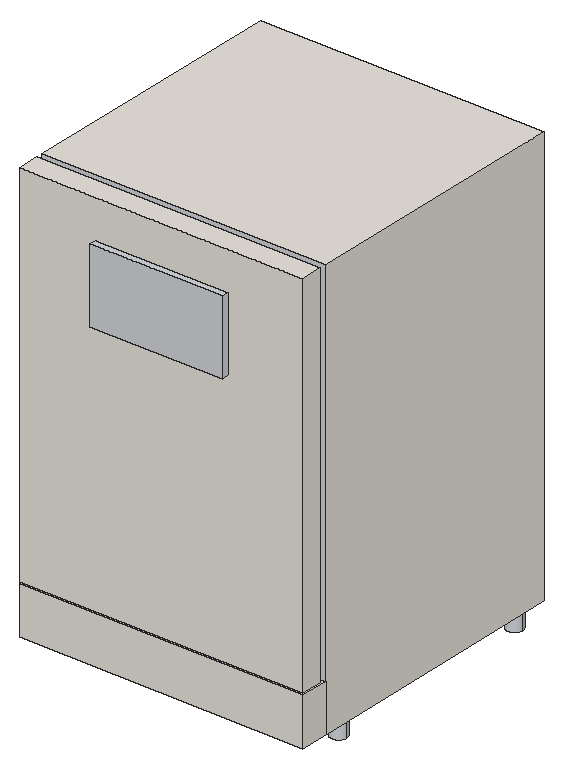
Revit family "NU-5800 - Direct Heat Incubator", category Mechanical Equipment, Revit 2018
Family settings
  Round Connector Dimension = Use Diameter
  Part Type = Normal
  OmniClass Number = 23.75.00.00
  OmniClass Title = Climate Control (HVAC)
  Work Plane-Based = No
  Always vertical = Yes
  Cut with Voids When Loaded = No
  Shared = No
  Room Calculation Point = No
Parameters (values of type "NU-5800")
  Width = 2' - 2 3/4"
  Model = "NU-5800"
  Manufacturer = "Nuaire Inc."
  Height = 3' - 3 3/4"
  Foot = 0' - 0 3/4"
  Depth = 2' - 4 3/8"
Reference planes (in)
  plane 1 "Center (Front/Back)": y = 0
  plane 2: z = 0
  plane 3 "Center (Left/Right)": x = 0
  plane 4: z = 2
  plane 5: z = 41.75
  plane 6: y = -14.8125
Forms (in)
  Extrusion 1, solid
    sketch origin (0, 0, 0) x (1, 0, 0) y (0, 1, 0)
      loop
        line (-13.375, 14.1875) -> (-13.375, -14.1875) -> (13.375, -14.1875) -> (13.375, 14.1875) -> (-13.375, 14.1875)
    from 2 to 41.75
  Extrusion 2, solid
    sketch origin (0, 0, 0) x (1, 0, 0) y (0, 1, 0)
      loop
        circle (-11.9375, 12.5625) r 0.75
      loop
        circle (11.9375, 12.55648) r 0.75
      loop
        circle (11.9375, -8.1875) r 0.75
      loop
        circle (-11.9375, -8.1875) r 0.75
    from 0 to 2
  Extrusion 3, void
    sketch origin (0, 0, 0) x (1, 0, 0) y (0, 1, 0)
      loop
        line (-13.375, -11.5625) -> (-13.375, -12.1875) -> (13.375, -12.1875) -> (13.375, -11.5625) -> (-13.375, -11.5625)
    from 2 to 41.75
  Extrusion 4, void
    sketch origin (0, 0, 0) x (1, 0, 0) y (0, 0, 1)
      loop
        line (-13.375, 2) -> (13.375, 2) -> (13.375, 6.6875) -> (-13.375, 6.6875) -> (-13.375, 2)
    from 11.5625 to 14.1875
  Extrusion 5, solid
    sketch origin (0, 0, 0) x (1, 0, 0) y (0, 0, 1)
      loop
        line (-13.375, 2) -> (13.375, 2) -> (13.375, 6.5) -> (-13.375, 6.5) -> (-13.375, 2)
    from 11.5625 to 14.1875
  Extrusion 6, solid
    sketch origin (0, 0, 0) x (1, 0, 0) y (0, 0, 1)
      loop
        line (-12.75, 41.125) -> (-12.75, 7.3125) -> (12.75, 7.3125) -> (12.75, 41.125) -> (-12.75, 41.125)
    from 11.5625 to 12.1875
  Extrusion 7, solid
    sketch origin (0, 0, 0) x (1, 0, 0) y (0, 0, 1)
      loop
        line (-6.25, 38.078) -> (-6.25, 31.078) -> (6.25, 31.078) -> (6.25, 38.078) -> (-6.25, 38.078)
    from 14.1875 to 14.8125
Cuts and joins
  Extrusion 3, Extrusion 4 cuts Extrusion 1
  Extrusion 4 cuts Extrusion 2
Lines and regions (in)
  model lines
    curve 1: line (13.375, -9.1875, 41.75) -> (13.375, -9.1875, 2)
    curve 2: line (-13.375, -9.1875, 41.75) -> (-13.375, -9.1875, 2)
    curve 3: line (13.375, -9.1875, 41.75) -> (-13.375, -9.1875, 41.75)
    curve 4: line (-10.875, -9.1875, 41.75) -> (-10.875, 14.1875, 41.75)
    curve 5: line (10.875, -9.1875, 41.75) -> (10.875, 14.1875, 41.75)
    curve 6: line (13.375, -8.47207, 40.79351) -> (13.375, 10.77793, 40.79351)
    curve 7: line (13.375, -8.47207, 39.04351) -> (13.375, -8.47207, 40.79351)
    curve 8: line (13.375, 10.77793, 39.04351) -> (13.375, -8.47207, 39.04351)
    curve 9: line (13.375, 10.77793, 40.79351) -> (13.375, 10.77793, 39.04351)
    curve 10: line (13.375, -8.47207, 38.11061) -> (13.375, 10.77793, 38.11061)
    curve 11: line (13.375, -8.47207, 36.46295) -> (13.375, -8.47207, 38.11061)
    curve 12: line (13.375, 10.77793, 36.46295) -> (13.375, -8.47207, 36.46295)
    curve 13: line (13.375, 10.77793, 38.11061) -> (13.375, 10.77793, 36.46295)
    curve 14: line (13.375, -9.4004, 40.79351) -> (13.375, -11.1504, 40.79351)
    curve 15: line (13.375, -9.4004, 39.66094) -> (13.375, -9.4004, 40.79351)
    curve 16: line (13.375, -11.1504, 39.66094) -> (13.375, -9.4004, 39.66094)
    curve 17: line (13.375, -11.1504, 40.79351) -> (13.375, -11.1504, 39.66094)
Dimensions and locks (in)
  locked: plane 4 to plane 2 at 2
  equal spacing: Extrusion 1 sketch curve, plane 1 "Center (Front/Back)", Extrusion 1 sketch curve
  equal spacing: Extrusion 1 sketch curve, plane 3 "Center (Left/Right)", Extrusion 1 sketch curve
  "Depth": Extrusion 1 sketch curve to Extrusion 1 sketch curve
  "Width": Extrusion 1 sketch curve to Extrusion 1 sketch curve
  "Height": plane 5 to plane 4
  plane 1 "Center (Front/Back)" to Extrusion 2 sketch curve = 1' - 0 9/16"
  Extrusion 2 sketch curve to plane 3 "Center (Left/Right)" = 0' - 11 15/16"  (x2)
  plane 3 "Center (Left/Right)" to Extrusion 2 sketch curve = 0' - 11 15/16"  (x2)
  plane 1 "Center (Front/Back)" to Extrusion 2 sketch curve = 1' - 0.55648"
  Extrusion 2 sketch curve to plane 1 "Center (Front/Back)" = 0' - 8 3/16"  (x2)
  locked: Extrusion 3 sketch curve to Extrusion 1 at 2
  locked: Extrusion 3 sketch curve to Extrusion 3 sketch curve at 0.625
  locked: Extrusion 4 sketch curve to cut or joined group of Extrusion 1, Extrusion 3, Extrusion 4 at 4.6875
  locked: Extrusion 5 sketch curve to cut or joined group of Extrusion 1, Extrusion 3, Extrusion 4 at 4.5
  locked: cut or joined group of Extrusion 1, Extrusion 3, Extrusion 4 to Extrusion 6 sketch curve at 0.625  (x2)
  locked: Extrusion 6 sketch curve to cut or joined group of Extrusion 1, Extrusion 3, Extrusion 4 at 0.625  (x2)
  locked: Extrusion 7 sketch curve to Extrusion 7 sketch curve at 7
  equal spacing: Extrusion 7 sketch curve, plane 3 "Center (Left/Right)", Extrusion 7 sketch curve
  locked: cut or joined group of Extrusion 1, Extrusion 3, Extrusion 4 to Extrusion 7 sketch curve at 3.672
  locked: Extrusion 7 sketch curve to Extrusion 7 sketch curve at 12.5
  locked: plane 6 to cut or joined group of Extrusion 1, Extrusion 3, Extrusion 4 at 0.625
  "Foot": radius of Extrusion 2 sketch curve  (x4)
  aligned and locked: level to plane 2
  aligned and locked: plane 5 to Extrusion 1
  aligned and locked: plane 4 to Extrusion 1
  aligned and locked: Extrusion 2 to plane 4
  aligned and locked: Extrusion 2 to level
  aligned and locked: Extrusion 3 sketch curve to Extrusion 1  (x2)
  aligned and locked: Extrusion 1 to Extrusion 3
  aligned and locked: plane 4 to Extrusion 3
  aligned and locked: Extrusion 4 sketch curve to cut or joined group of Extrusion 1, Extrusion 3, Extrusion 4
  aligned and locked: cut or joined group of Extrusion 1, Extrusion 3, Extrusion 4 to Extrusion 4 sketch curve
  aligned and locked: plane 4 to Extrusion 4 sketch curve
  aligned and locked: Extrusion 4 to cut or joined group of Extrusion 1, Extrusion 3, Extrusion 4
  aligned and locked: cut or joined group of Extrusion 1, Extrusion 3, Extrusion 4 to Extrusion 4
  aligned and locked: Extrusion 5 sketch curve to cut or joined group of Extrusion 1, Extrusion 3, Extrusion 4  (x2)
  aligned and locked: cut or joined group of Extrusion 1, Extrusion 3, Extrusion 4 to Extrusion 5 sketch curve
  aligned and locked: Extrusion 5 to cut or joined group of Extrusion 1, Extrusion 3, Extrusion 4
  aligned and locked: cut or joined group of Extrusion 1, Extrusion 3, Extrusion 4 to Extrusion 5
  aligned and locked: cut or joined group of Extrusion 1, Extrusion 3, Extrusion 4 to Extrusion 6  (x2)
  aligned and locked: Extrusion 7 to cut or joined group of Extrusion 1, Extrusion 3, Extrusion 4
  aligned and locked: curve 2 to curve 1
Automatic sketch dimensions
  curve 2 to Extrusion 1 = 0' - 0"
  Extrusion 1 to curve 2 = 0' - 0"
  curve 3 to Extrusion 1 = 0' - 0"  (x2)
  curve 4 to Extrusion 1 = 0' - 0"
  curve 5 to Extrusion 1 = 0' - 0"
  curve 4 to Extrusion 1 = 0' - 2 1/2"
  curve 5 to Extrusion 1 = 0' - 2 1/2"
  curve 3 to Extrusion 1 = 0' - 5"
  Extrusion 1 to curve 1 = 0' - 0"
  curve 1 to Extrusion 1 = 0' - 0"
  Extrusion 1 to curve 9 = 0' - 3.40957"
  curve 13 to curve 8 = 0' - 0"
  Extrusion 1 to curve 8 = 0' - 2.70649"
  Extrusion 1 to curve 8 = 0' - 5.71543"
  curve 10 to curve 7 = 0' - 0"
  curve 6 to curve 1 = 0' - 0.71543"
  curve 7 to curve 16 = 0' - 0.92833"
  curve 15 to curve 16 = 0' - 1 3/4"
  Extrusion 1 to curve 17 = 0' - 0.95649"
  curve 14 to curve 6 = 0' - 0"
  curve 16 to curve 7 = 0' - 0.61743"
  curve 8 to curve 10 = 0' - 0.9329"
  curve 10 to curve 12 = 0' - 1.64766"
